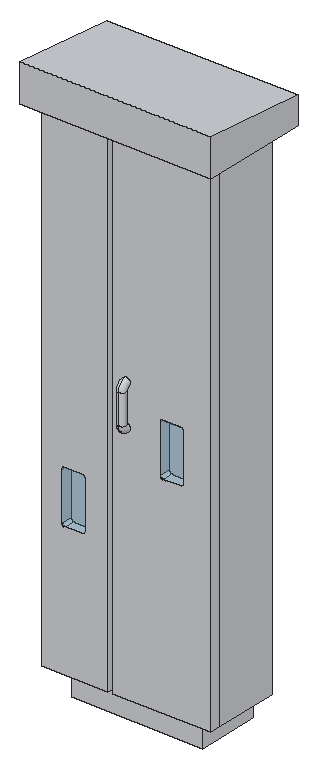
Revit family "スイッチボード", category 電気設備, Revit 2022
Family settings
  丸型コネクタ寸法 = 直径を使用
  パーツ タイプ = 配電盤
  作業面ベース = いいえ
  常に垂直 = はい
  ロード時にボイドで切り取り = いいえ
  注釈の向きを維持 = いいえ
  共有 = いいえ
  部屋計算ポイント = いいえ
Parameters (values of type "標準")
  既定の高さ = 0.0 mm
  幅 4 = 幅 / 8.2  # 85.366 mm
  幅 3 = 幅 / 4.94  # 141.7 mm
  幅 2 = 幅 / 5.92  # 118.243 mm
  幅 1 = 幅 / 14.8  # 47.297 mm
  幅 = 700.0 mm
  Voltage = ""
  built-in parameter 1155150 [instance] = (empty or 0)
  半径 1 = 10.0 mm
  主電圧 = 7200 V
  出力電圧 = 210 V
  極数 = 3
  マテリアル 2 = ガラス
  マテリアル 1 = none
  built-in parameter 1155100 [instance] = -1
  built-in parameter 1140142 [instance] = -1
  built-in parameter 1140140 [instance] = 200 (stored number, unit not read)
  負荷分類 = その他
  長さ = 400.0 mm
  高さ 3 = 高さ / 10.9  # 197.248 mm
  高さ 2 = 高さ / 2.22  # 968.468 mm
  高さ 1 = 高さ / 3.14  # 684.713 mm
  高さ = 2150.0 mm
  皮相負荷 = 150000 VA
Reference planes
  plane 1 "中心(正面/背面)": y = 0
  plane 2: z = 0
  plane 3 "中心(左/右)": x = 0
  plane 4: x = -350
  plane 5: x = 350
  plane 6: x = -310
  plane 7: x = 310
  plane 8: z = 2150
  plane 9: x = -47.297
  plane 10: z = 2095
  plane 11: z = 100
  plane 12: z = 684.713
  plane 13: z = 968.468
  plane 14: x = 168.3
  plane 15: x = -191.757
  plane 16: x = -67.297
  plane 17: z = 1068.468
  plane 18: y = -310
  plane 19: y = 0
  plane 20: y = -400
  plane 21: y = -350
  plane 22: z = 2055
  plane 23: z = 1955
  plane 24: z = 1935
  plane 25: x = -240
  plane 26: x = 240
  plane 27: y = -300
  plane 28: y = -235
  plane 29: y = -125
  plane 30: y = -125
  plane 31: y = -235
  plane 32: x = 210
  plane 33: x = -590
  plane 34: x = -191.757
  plane 35: x = -81.757
  plane 36: y = -180
  plane 37: y = -90
  plane 38: z = 190
  plane 39: y = -70
  plane 40: x = -230
  plane 41: y = -80
  plane 42: x = 230
  plane 43: y = -290
Forms (mm)
  Extrusion 1, solid, material <- "マテリアル 1"
    sketch origin (0, 0, 0) x (1, 0, 0) y (0, 0, 1)
      loop
        line (-310, 1955) -> (-310, 100) -> (310, 100) -> (310, 1955) -> (-310, 1955)
    from 70 to 310
  Extrusion 2, solid, material <- "マテリアル 1"
    sketch origin (0, 0, 0) x (0, 1, 0) y (0, 0, 1)
      loop
        line (-400, 1955) -> (0, 1955) -> (0, 2055) -> (-400, 2095) -> (-400, 1955)
    from -350 to 350
  Extrusion 3, solid, material <- "マテリアル 1", detail levels medium+fine
    sketch origin (0, 0, 0) x (1, 0, 0) y (0, 0, 1)
      loop
        line (-47.297, 1935) -> (-47.297, 100) -> (310, 100) -> (310, 1935) -> (-47.297, 1935)
    from 310 to 350
  Extrusion 4, solid, material <- "マテリアル 1", detail levels medium+fine
    sketch origin (0, 0, 0) x (1, 0, 0) y (0, 0, 1)
      loop
        line (-310, 1935) -> (-310, 100) -> (-67.297, 100) -> (-67.297, 1935) -> (-310, 1935)
    from 310 to 350
  Extrusion 5, solid, material "ガラス" <- "マテリアル 2", detail levels medium+fine
    sketch origin (0, 0, 0) x (1, 0, 0) y (0, 0, 1)
      loop
        line (125.617, 1057.092) -> (125.617, 879.845)
        arc (125.617, 879.845) -> (128.546, 872.774) -> (135.617, 869.845) r 10
        line (135.617, 869.845) -> (200.983, 869.845)
        arc (200.983, 869.845) -> (208.054, 872.774) -> (210.983, 879.845) r 10
        line (210.983, 879.845) -> (210.983, 1057.092)
        arc (210.983, 1057.092) -> (208.054, 1064.163) -> (200.983, 1067.092) r 10
        line (200.983, 1067.092) -> (135.617, 1067.092)
        arc (135.617, 1067.092) -> (128.546, 1064.163) -> (125.617, 1057.092) r 10
    from 310 to 350
  Extrusion 6, solid, material "ガラス" <- "マテリアル 2", detail levels medium+fine
    sketch origin (0, 0, 0) x (1, 0, 0) y (0, 0, 1)
      loop
        line (-234.44, 773.337) -> (-234.44, 596.09)
        arc (-234.44, 596.09) -> (-231.511, 589.018) -> (-224.44, 586.09) r 10
        line (-224.44, 586.09) -> (-159.074, 586.09)
        arc (-159.074, 586.09) -> (-152.003, 589.018) -> (-149.074, 596.09) r 10
        line (-149.074, 596.09) -> (-149.074, 773.337)
        arc (-149.074, 773.337) -> (-152.003, 780.408) -> (-159.074, 783.337) r 10
        line (-159.074, 783.337) -> (-224.44, 783.337)
        arc (-224.44, 783.337) -> (-231.511, 780.408) -> (-234.44, 773.337) r 10
    from 310 to 350
  Sweep 7, solid, material <- "マテリアル 1", detail levels medium+fine
    path in 3D
      loop
        line (0, -310, 1143.468) -> (0, -350, 1143.468)
        arc (0, -350, 1143.468) -> (0, -364.142, 1137.611) -> (0, -370, 1123.468) r 20
        line (0, -370, 1123.468) -> (0, -370, 1013.468)
        arc (0, -370, 1013.468) -> (0, -364.142, 999.326) -> (0, -350, 993.468) r 20
        line (0, -350, 993.468) -> (0, -310, 993.468)
    profile origin (0, -330, 1143.468) x (0, 0, -1) y (1, 0, 0)
      loop
        circle (0, 0) r 15
  Extrusion 8, void
    sketch origin (0, 0, 0) x (1, 0, 0) y (0, 0, 1)
      loop
        line (125.617, 1057.092) -> (125.617, 879.845)
        arc (125.617, 879.845) -> (128.546, 872.774) -> (135.617, 869.845) r 10
        line (135.617, 869.845) -> (200.983, 869.845)
        arc (200.983, 869.845) -> (208.054, 872.774) -> (210.983, 879.845) r 10
        line (210.983, 879.845) -> (210.983, 1057.092)
        arc (210.983, 1057.092) -> (208.054, 1064.163) -> (200.983, 1067.092) r 10
        line (200.983, 1067.092) -> (135.617, 1067.092)
        arc (135.617, 1067.092) -> (128.546, 1064.163) -> (125.617, 1057.092) r 10
    from 310 to 350
  Extrusion 9, void
    sketch origin (0, 0, 0) x (1, 0, 0) y (0, 0, 1)
      loop
        arc (-224.44, 783.337) -> (-231.511, 780.408) -> (-234.44, 773.337) r 10
        line (-234.44, 773.337) -> (-234.44, 596.09)
        arc (-234.44, 596.09) -> (-231.511, 589.018) -> (-224.44, 586.09) r 10
        line (-224.44, 586.09) -> (-159.074, 586.09)
        arc (-159.074, 586.09) -> (-152.003, 589.018) -> (-149.074, 596.09) r 10
        line (-149.074, 596.09) -> (-149.074, 773.337)
        arc (-149.074, 773.337) -> (-152.003, 780.408) -> (-159.074, 783.337) r 10
        line (-159.074, 783.337) -> (-224.44, 783.337)
    from 310 to 350
  Extrusion 10, solid, material <- "マテリアル 1", detail levels coarse
    sketch origin (0, 0, 0) x (1, 0, 0) y (0, 0, 1)
      loop
        line (-310, 1935) -> (-310, 100) -> (-67.297, 100) -> (-67.297, 1935) -> (-310, 1935)
    from 310 to 350
  Extrusion 11, solid, material <- "マテリアル 1", detail levels coarse
    sketch origin (0, 0, 0) x (1, 0, 0) y (0, 0, 1)
      loop
        line (-47.297, 1935) -> (-47.297, 100) -> (310, 100) -> (310, 1935) -> (-47.297, 1935)
    from 310 to 350
  Extrusion 12, solid, material <- "マテリアル 1"
    sketch origin (0, 0, 0) x (0, 1, 0) y (0, 0, 1)
      loop
        line (-235, 100) -> (-125, 100) -> (-125, 190) -> (-235, 190) -> (-235, 100)
    from 0 to 210
  Extrusion 13, solid, material <- "マテリアル 1"
    sketch origin (0, 0, 0) x (0, 1, 0) y (0, 0, 1)
      loop
        line (-235, 100) -> (-125, 100) -> (-125, 190) -> (-235, 190) -> (-235, 100)
    from -191.757 to -81.757
  Sweep 14, solid, material <- "マテリアル 1", detail levels coarse
    path in 3D
      loop
        line (0, -310, 1143.468) -> (0, -350, 1143.468)
        arc (0, -350, 1143.468) -> (0, -364.142, 1137.611) -> (0, -370, 1123.468) r 20
        line (0, -370, 1123.468) -> (0, -370, 1013.468)
        arc (0, -370, 1013.468) -> (0, -364.142, 999.326) -> (0, -350, 993.468) r 20
        line (0, -350, 993.468) -> (0, -310, 993.468)
    profile origin (0, -330, 1143.468) x (0, 0, -1) y (1, 0, 0)
      loop
        circle (0, 0) r 15
  Extrusion 15, solid, material <- "マテリアル 1"
    sketch origin (0, 0, 0) x (0, 1, 0) y (0, 0, 1)
      loop
        line (-90, 1935) -> (-180, 1935) -> (-180, 100) -> (-90, 100) -> (-90, 1935)
    from -350 to -310
  Extrusion 16, solid, material <- "マテリアル 1"
    sketch origin (0, 0, 0) x (1, 0, 0) y (0, 1, 0)
      loop
        line (-240, -70) -> (-240, -300) -> (240, -300) -> (240, -70) -> (-240, -70)
      loop
        line (-230, -80) -> (-230, -290) -> (230, -290) -> (230, -80) -> (-230, -80)
    from 0 to 100
Cuts and joins
  Extrusion 8 cuts Extrusion 3
  Extrusion 9 cuts Extrusion 4
  joined: Extrusion 3, Extrusion 4, Sweep 7
  joined: Extrusion 10, Extrusion 11, Sweep 14
  joined: Extrusion 12, Extrusion 13
  joined: Extrusion 5, Extrusion 6
Lines and regions (mm)
  reference lines
    curve 1: line (135.617, 0, 1067.092) -> (200.983, 0, 1067.092)
    curve 2: line (135.617, 0, 869.845) -> (200.983, 0, 869.845)
    curve 3: line (210.983, 0, 1057.092) -> (210.983, 0, 879.845)
    curve 4: line (125.617, 0, 1057.092) -> (125.617, 0, 879.845)
    curve 5: arc (125.617, 0, 1057.092) -> (128.546, 0, 1064.163) -> (135.617, 0, 1067.092) r 10
    curve 6: arc (200.983, 0, 1067.092) -> (208.054, 0, 1064.163) -> (210.983, 0, 1057.092) r 10
    curve 7: arc (210.983, 0, 879.845) -> (208.054, 0, 872.774) -> (200.983, 0, 869.845) r 10
    curve 8: arc (125.617, 0, 879.845) -> (128.546, 0, 872.774) -> (135.617, 0, 869.845) r 10
    curve 9: arc (-234.44, 0, 773.337) -> (-231.511, 0, 780.408) -> (-224.44, 0, 783.337) r 10
    curve 10: arc (-149.074, 0, 773.337) -> (-152.003, 0, 780.408) -> (-159.074, 0, 783.337) r 10
    curve 11: arc (-149.074, 0, 596.09) -> (-152.003, 0, 589.018) -> (-159.074, 0, 586.09) r 10
    curve 12: arc (-234.44, 0, 596.09) -> (-231.511, 0, 589.018) -> (-224.44, 0, 586.09) r 10
    curve 13: line (-224.44, 0, 783.337) -> (-159.074, 0, 783.337)
    curve 14: line (-234.44, 0, 596.09) -> (-234.44, 0, 773.337)
    curve 15: line (-159.074, 0, 586.09) -> (-224.44, 0, 586.09)
    curve 16: line (-149.074, 0, 773.337) -> (-149.074, 0, 596.09)
    curve 17: line (0, -310, 1143.468) -> (0, -350, 1143.468)
    curve 18: line (0, -310, 993.468) -> (0, -350, 993.468)
    curve 19: arc (0, -350, 1143.468) -> (0, -364.142, 1137.611) -> (0, -370, 1123.468) r 20
    curve 20: arc (0, -350, 993.468) -> (0, -364.142, 999.326) -> (0, -370, 1013.468) r 20
    curve 21: line (0, -370, 1123.468) -> (0, -370, 1013.468)
    curve 27: line (-300, -300, 0) -> (-300, 0, 0)
    curve 28: line (300, -300, 0) -> (300, 0, 0)
    curve 29: line (-300, -300, 0) -> (300, -300, 0)
  sketch lines
    curve 22: line (0, -310, 1143.468) -> (0, -350, 1143.468)
    curve 23: arc (0, -350, 1143.468) -> (0, -364.142, 1137.611) -> (0, -370, 1123.468) r 20
    curve 24: line (0, -370, 1123.468) -> (0, -370, 1013.468)
    curve 25: arc (0, -350, 993.468) -> (0, -364.142, 999.326) -> (0, -370, 1013.468) r 20
    curve 26: line (0, -310, 993.468) -> (0, -350, 993.468)
    curve 36: line (0, -310, 1143.468) -> (0, -350, 1143.468)
    curve 37: arc (0, -350, 1143.468) -> (0, -364.142, 1137.611) -> (0, -370, 1123.468) r 20
    curve 38: line (0, -370, 1123.468) -> (0, -370, 1013.468)
    curve 39: arc (0, -350, 993.468) -> (0, -364.142, 999.326) -> (0, -370, 1013.468) r 20
    curve 40: line (0, -310, 993.468) -> (0, -350, 993.468)
  symbolic lines
    curve 30: line (-300, 0, 0) -> (300, 0, 0)
    curve 31: line (-300, -300, 0) -> (-300, 0, 0)
    curve 32: line (300, -300, 0) -> (-300, -300, 0)
    curve 33: line (300, 0, 0) -> (300, -300, 0)
    curve 34: line (-300, 0, 0) -> (300, -300, 0)
    curve 35: line (300, 0, 0) -> (-300, -300, 0)
Dimensions and locks
  equal spacing: plane 5, plane 3 "中心(左/右)", plane 4
  "幅": plane 5 to plane 4
  locked: plane 6 to plane 4 at 40
  locked: plane 5 to plane 7 at 40
  "高さ": plane 8 to plane 2
  "幅 1": plane 3 "中心(左/右)" to plane 9
  locked: plane 8 to plane 10 at 55
  locked: plane 11 to plane 2 at 100
  "高さ 1": plane 12 to plane 2
  "高さ 2": plane 13 to plane 2
  "幅 2": plane 6 to plane 15
  "幅 3": plane 14 to plane 7
  locked: plane 9 to plane 16 at 20
  locked: plane 17 to plane 13 at 100
  equal spacing: curve 3, plane 14, curve 4
  "幅 4": curve 4 to curve 3
  equal spacing: curve 1, plane 13, curve 2
  "高さ 3": curve 1 to curve 2
  equal spacing: curve 13, plane 12, curve 15
  "高さ 3": curve 13 to curve 15
  equal spacing: curve 16, plane 15, curve 14
  "幅 4": curve 16 to curve 14
  "長さ": plane 20 to plane 19
  locked: plane 20 to plane 18 at 90
  locked: plane 20 to plane 21 at 50
  locked: plane 8 to plane 22 at 95
  locked: plane 22 to plane 23 at 100
  locked: plane 23 to plane 24 at 20
  locked: plane 6 to plane 25 at 70
  locked: plane 26 to plane 7 at 70
  equal spacing: curve 17, plane 17, curve 18
  locked: curve 17 to curve 18 at 150
  locked: curve 21 to plane 21 at 20
  locked: plane 18 to plane 27 at 10
  locked: plane 27 to plane 28 at 65
  locked: plane 28 to plane 30 at 110
  locked: plane 31 to plane 29 at 110
  locked: plane 32 to plane 7 at 100
  locked: plane 33 to plane 32 at 800
  locked: plane 34 to plane 35 at 110
  equal spacing: curve 27, plane 3 "中心(左/右)", curve 28
  locked: curve 27 to curve 28 at 600
  locked: curve 29 to plane 19 at 300
  locked: plane 36 to plane 18 at 130
  "幅 2": plane 6 to plane 34
  locked: plane 38 to plane 11 at 90
  locked: plane 39 to plane 19 at 70
  locked: plane 29 to plane 39 at 55
  locked: plane 41 to plane 39 at 10
  locked: plane 25 to plane 40 at 10
  locked: plane 42 to plane 26 at 10
  locked: plane 27 to plane 43 at 10
  locked: plane 39 to plane 37 at 20
  "半径 1": radius of curve 5
  "半径 1": radius of curve 6
  "半径 1": radius of curve 8
  "半径 1": radius of curve 7
  "半径 1": radius of curve 9
  "半径 1": radius of curve 10
  "半径 1": radius of curve 11
  "半径 1": radius of curve 12
  aligned and locked: level to plane 2
  aligned and locked: Extrusion 1 sketch curve to plane 23
  aligned and locked: Extrusion 1 sketch curve to plane 6
  aligned and locked: plane 11 to Extrusion 1 sketch curve
  aligned and locked: plane 7 to Extrusion 1 sketch curve
  aligned and locked: plane 18 to Extrusion 1
  aligned and locked: plane 10 to Extrusion 2 sketch curve
  aligned and locked: Extrusion 2 sketch curve to plane 20
  aligned and locked: Extrusion 2 sketch curve to plane 23
  aligned and locked: Extrusion 2 sketch curve to plane 19
  aligned and locked: plane 22 to Extrusion 2 sketch curve
  aligned and locked: plane 19 to Extrusion 2 sketch curve
  aligned and locked: plane 5 to Extrusion 2
  aligned and locked: Extrusion 2 to plane 4
  aligned and locked: Extrusion 3 sketch curve to plane 24
  aligned and locked: plane 9 to Extrusion 3 sketch curve
  aligned and locked: Extrusion 3 sketch curve to Extrusion 1  (x2)
  aligned and locked: Extrusion 4 sketch curve to plane 24
  aligned and locked: Extrusion 4 sketch curve to plane 6
  aligned and locked: plane 11 to Extrusion 4 sketch curve
  aligned and locked: Extrusion 4 sketch curve to plane 16
  aligned and locked: Extrusion 4 to plane 18
  aligned and locked: Extrusion 4 to plane 21
  aligned and locked: Extrusion 3 to plane 18
  aligned and locked: Extrusion 3 to plane 21
  aligned and locked: Extrusion 5 sketch curve to curve 5
  aligned and locked: Extrusion 5 sketch curve to curve 6
  aligned and locked: Extrusion 5 sketch curve to curve 7
  aligned and locked: Extrusion 5 sketch curve to curve 8
  aligned and locked: plane 21 to Extrusion 5
  aligned and locked: Extrusion 6 sketch curve to curve 9
  aligned and locked: Extrusion 6 sketch curve to curve 10
  aligned and locked: Extrusion 6 sketch curve to curve 11
  aligned and locked: Extrusion 6 sketch curve to curve 12
  aligned and locked: plane 21 to Extrusion 6
  aligned and locked: Extrusion 6 to plane 18
  aligned and locked: profile plane to Sweep 7 sketch curve  (x2)
  aligned and locked: Extrusion 8 sketch curve to curve 5
  aligned and locked: Extrusion 8 sketch curve to curve 6
  aligned and locked: Extrusion 8 sketch curve to curve 7
  aligned and locked: Extrusion 8 sketch curve to curve 8
  aligned and locked: plane 21 to Extrusion 8
  aligned and locked: Extrusion 8 to plane 18
  aligned and locked: Extrusion 9 sketch curve to curve 10
  aligned and locked: Extrusion 9 sketch curve to curve 9
  aligned and locked: Extrusion 9 sketch curve to curve 12
  aligned and locked: Extrusion 9 sketch curve to curve 11
  aligned and locked: plane 21 to Extrusion 9
  aligned and locked: Extrusion 9 to plane 18
  aligned and locked: Extrusion 10 sketch curve to cut or joined group of Extrusion 3, Extrusion 4, Sweep 7, Extrusion 8, Extrusion 9  (x4)
  aligned and locked: Extrusion 11 sketch curve to cut or joined group of Extrusion 3, Extrusion 4, Sweep 7, Extrusion 8, Extrusion 9  (x2)
  aligned and locked: plane 21 to Extrusion 11
  aligned and locked: Extrusion 11 to plane 18
  aligned and locked: Extrusion 10 to plane 21
  aligned and locked: Extrusion 10 to plane 18
  aligned and locked: Extrusion 12 sketch curve to plane 11
  aligned and locked: Extrusion 12 sketch curve to plane 28
  aligned and locked: plane 30 to Extrusion 12 sketch curve
  aligned and locked: Extrusion 13 sketch curve to plane 11
  aligned and locked: plane 31 to Extrusion 13 sketch curve
  aligned and locked: plane 29 to Extrusion 13 sketch curve
  aligned and locked: Extrusion 12 to plane 32
  aligned and locked: Extrusion 12 to plane 3 "中心(左/右)"
  aligned and locked: plane 35 to Extrusion 13
  aligned and locked: plane 34 to Extrusion 13
  aligned and locked: Extrusion 5 to plane 18
  aligned and locked: plane 19 to curve 28
  aligned and locked: plane 19 to curve 27
  aligned and locked: curve 31 to curve 27
  aligned and locked: curve 32 to curve 29
  aligned and locked: curve 33 to curve 28
  aligned and locked: profile plane to Sweep 14 sketch curve  (x2)
  aligned and locked: plane 24 to Extrusion 15 sketch curve
  aligned and locked: Extrusion 15 sketch curve to plane 37
  aligned and locked: plane 36 to Extrusion 15 sketch curve
  aligned and locked: Extrusion 15 to plane 4
  aligned and locked: Extrusion 15 to plane 6
  aligned and locked: Extrusion 16 to plane 2
  aligned and locked: plane 11 to Extrusion 16
  aligned and locked: plane 38 to Extrusion 13 sketch curve
  aligned and locked: Extrusion 13 to Extrusion 12
  aligned and locked: Extrusion 1 to plane 39
  aligned and locked: plane 39 to Extrusion 16 sketch curve
  aligned and locked: Extrusion 16 sketch curve to plane 40
  aligned and locked: plane 41 to Extrusion 16 sketch curve
  aligned and locked: plane 42 to Extrusion 16 sketch curve
  aligned and locked: Extrusion 16 sketch curve to plane 43
  aligned and locked: plane 1 "中心(正面/背面)" to plane 19
  aligned and locked: curve 32 to curve 35
  aligned and locked: curve 31 to curve 34
  aligned and locked: Extrusion 2 to curve 35
  aligned and locked: curve 28 to curve 34
  aligned and locked: curve 30 to Extrusion 2
Automatic sketch dimensions
  curve 17 to plane 21 = 0.0 mm
  curve 18 to plane 21 = 0.0 mm
  curve 17 to plane 18 = 0.0 mm
  curve 18 to plane 18 = 0.0 mm
  plane 7 to Extrusion 11 sketch curve = 0.0 mm
  Extrusion 11 sketch curve to plane 11 = 0.0 mm
  level to Extrusion 12 sketch curve = 190.0 mm
  Extrusion 15 sketch curve to plane 11 = 0.0 mm
  Extrusion 16 sketch curve to plane 25 = 0.0 mm
  Extrusion 16 sketch curve to plane 26 = 0.0 mm
  plane 27 to Extrusion 16 sketch curve = 0.0 mm
  radius of Sweep 7 sketch curve = 15.0 mm
  radius of Sweep 14 sketch curve = 15.0 mm
Connectors
  electrical at (0, -190, 100), driven by "極数", driven by "負荷分類", driven by "出力電圧", driven by "皮相負荷"
    settings: on Extrusion 1, index 1, voltage 210 V, apparent load 0 VA, apparent load phase1 150000 VA, apparent load phase2 0 VA, apparent load phase3 0 VA, power factor 1, load classification "その他", number of poles 3, system type 31, power factor state 1, is connector primary yes, connector utility no, sub classification motor no, connector description ""
  cabletrayconduit at (-136.757, -180, 100), diameter 600
    settings: on cut or joined group of Extrusion 12, Extrusion 13, index 2, connector width 300.0 mm, connector height 300.0 mm, connector angle 0.00°, system type 32, placement type 1, profile type 0, connector reference index -1, is primary connector yes, connector utility param no, connector description ""
  cabletrayconduit at (105, -180, 100), diameter 600
    settings: on cut or joined group of Extrusion 12, Extrusion 13, index 3, connector width 300.0 mm, connector height 300.0 mm, connector angle 0.00°, system type 32, placement type 1, profile type 0, connector reference index -1, is primary connector no, connector utility param no, connector description ""
